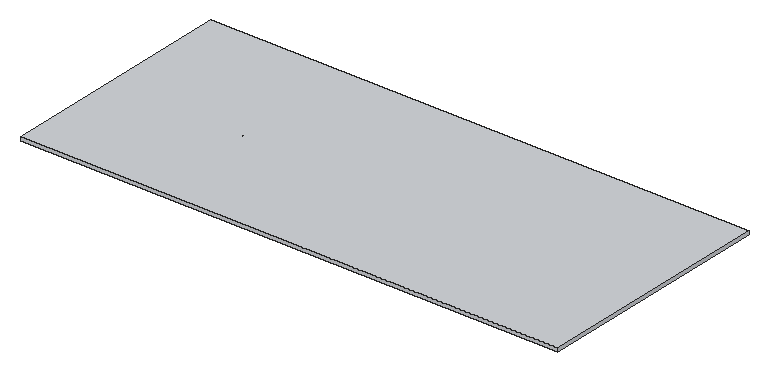
Revit family "Coveline LED - 1000", category Lighting Fixtures, Revit 2014
Parameters (values of type "L4400/5")
  Wattage Comments = "23"
  Wattage = 17.2 W
  built-in parameter 1150110 = 1 (stored number, unit not read)
  Type Comments = "Surface"
  Type = "L4400/5"
  built-in parameter 1114217 = 1 (stored number, unit not read)
  Tilt Angle = 90.00°
  built-in parameter 1150109 = 1 (stored number, unit not read)
  built-in parameter 1150134 = 12
  built-in parameter 1150113 = 1 (stored number, unit not read)
  Photometric Web File = ""
  Length (mm) = "1026"
  Model = "L4400/5"
  Manufacturer = "Designed Architectural Lighting"
  Luminous flux of luminaire (lm) = "1789"
  Lumens = 2545.6 lm
  built-in parameter 1150115 = 1 (stored number, unit not read)
  built-in parameter 1150105 = 202.57 (stored number, unit not read)
  built-in parameter 1150137 = (empty or 0)
  built-in parameter 1150139 = (empty or 0)
  built-in parameter 1150112 = 1 (stored number, unit not read)
  built-in parameter 1150114 = 1 (stored number, unit not read)
  Lamp = "LED"
  built-in parameter 1150132 = (empty or 0)
  built-in parameter 1150102 = (empty or 0)
  built-in parameter 1150138 = (empty or 0)
  built-in parameter 1150107 = 4000 (stored number, unit not read)
  built-in parameter 1150106 = 2.0257 (stored number, unit not read)
  Height (mm) = "19.8"
  built-in parameter 1150104 = 13.75 (stored number, unit not read)
  Dimming Lamp Color Temperature Shift = <None>
  Description = "Surface Mounted Luminaire"
  Colour temperature (K) = "3000"
  Color Filter = 16777215
  CRI = "80"
  built-in parameter 1114218 = 1 (stored number, unit not read)
  built-in parameter 1150133 = 10 (stored number, unit not read)
  Apparent Load = 23 VA
Reference planes
  plane 1 "Light Source Axis (F/B)": y = 0
  plane 2: z = 0
  plane 3 "Light Source Axis (L/R)": x = 0
  plane 4 "Light Source Elevation": z = 0
Forms (mm)
  Extrusion 1, solid
    sketch origin (-328.915, -176.181, -78.544) x (1, 0, 0) y (0, 1, 0)
      loop
        line (-601.085, 595.555) -> (-601.085, -215.544) -> (1232.222, -215.544) -> (1232.222, 595.555) -> (-601.085, 595.555)
    from 99.65 to 111.65
  Extrusion 2, solid
    sketch origin (0, 2.081, 0.456) x (0, 1, 0) y (0, 0, 1)
      loop
        line (6.744, 7.823) -> (6.744, 1.45) -> (2.241, 1.45) -> (-6.404, 1.45) -> (-10.906, 1.45) -> (-10.906, 7.823) -> (-9.877, 8.966) -> (-9.877, 10.738) -> (-10.906, 10.738) -> (-10.382, 9.547) -> (-10.99, 8.769) -> (-11.985, 8.769) -> (-11.985, 0.358) -> (-6.404, 0.358) -> (2.241, 0.358) -> (7.823, 0.358) -> (7.823, 8.769) -> (6.828, 8.769) -> (6.22, 9.547) -> (6.744, 10.738) -> (5.715, 10.738) -> (5.715, 8.966) -> (6.744, 7.823)
    from -497.579 to 502.663
  Extrusion 3, solid
    sketch origin (0, 2.078, 0.482) x (0, 1, 0) y (0, 0, 1)
      loop
        line (7.823, 8.769) -> (7.823, 16.631) -> (7.004, 16.631) -> (6.142, 18.124) -> (2.819, 18.124) -> (2.819, 16.631) -> (4.855, 16.631) -> (4.855, 15.456) -> (1.121, 15.456) -> (-5.278, 15.456) -> (-9.011, 15.456) -> (-9.011, 16.631) -> (-6.976, 16.631) -> (-6.976, 18.124) -> (-10.299, 18.124) -> (-11.161, 16.631) -> (-11.98, 16.631) -> (-11.98, 8.769) -> (-10.985, 8.769) -> (-10.377, 9.547) -> (-10.9, 10.738) -> (-10.299, 11.243) -> (-10.299, 13.989) -> (-5.674, 13.989) -> (1.518, 13.989) -> (6.142, 13.989) -> (6.142, 11.243) -> (6.744, 10.738) -> (6.22, 9.547) -> (6.828, 8.769) -> (7.823, 8.769)
    from -497.579 to 502.663
  Extrusion 4, solid
    sketch origin (0, 2.076, 0.482) x (0, 1, 0) y (0, 0, 1)
      loop
        line (7.823, 16.631) -> (7.823, 19.881) -> (1.424, 19.881) -> (-5.575, 19.881) -> (-11.974, 19.881) -> (-11.974, 16.631) -> (-11.155, 16.631) -> (-11.155, 18.503) -> (-5.319, 18.503) -> (1.168, 18.503) -> (7.004, 18.503) -> (7.004, 16.631) -> (7.823, 16.631)
    from -497.579 to 502.663
Dimensions and locks
  aligned and locked: plane 3 "Light Source Axis (L/R)" to imposter light
  aligned and locked: plane 1 "Light Source Axis (F/B)" to imposter light
  aligned and locked: plane 4 "Light Source Elevation" to imposter light
  aligned and locked: level to plane 2
